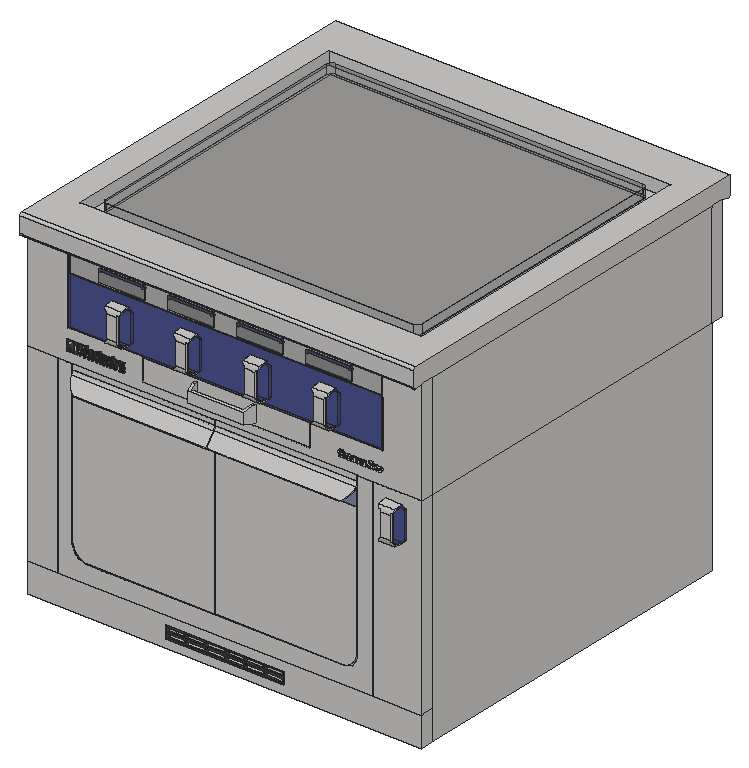
Revit family "QF_ELECTROLUXPROFESSIONAL_588457_MALPEAH4AO", category Attrezzature speciali, Revit 2020
Family settings
  Quota connettore circolare = Usa diametro
  Tipo di parte = Normale
  Basato su piano di lavoro = No
  Sempre verticale = Sì
  Taglio con vuoti quando caricato = No
  Condiviso = No
  Punto di calcolo locali = No
Parameters (values of type "Standard")
  Weight = 143.00 kg
  Watts = 14300 W
  Volts = 400 V
  URL Manufacturer = "https://www.electroluxprofessional.com/"
  URL = "https://www.electroluxprofessional.com/"
  Steam Supply Size = 0"
  Steam Supply Minimum Pressure = 0.00 psi
  Steam Supply Maximum Pressure = 0.00 psi
  Steam Consumption per Hour = 0
  Refrigeration Suction Line Size = 0 mm
  Refrigeration Liquid Line Size = 0 mm
  Refrigerant Compressor Remote = yes
  Prospetto di default = 0 mm
  Phase = 3
  Modello = "MALPEAH4AO"
  Produttore = "Electrolux Professional"
  Length Actual = 800 mm  # constant formula
  Item Number = "588457"
  Hot Water Size = 0"
  Height Actual = 700 mm  # constant formula
  HP = "19.2 HP"
  Gas Size = 0"
  Gas KW = 0
  Gas Input Pressure = 0.0 Btu/h
  Direct Waste Size = 0"
  Descrizione = "EL.SOLID TOP,WARM.CAB.1S,800X800X700H"
  Depth Actual = 800 mm  # constant formula
  Cycle = 50 Hz
  Condensate Return Size = 0"
  Compressed Air Volume = 0 GPM
  Compressed Air Size = 0"
  Compressed Air Pressure = 0.00 psi
  Cold Water Size = 0"
  Accessory = yes
Reference planes
  plane 1 "BACK": y = 0
  plane 2: z = 0
  plane 3 "LEFT": x = 0
  plane 4 "RIGHT": x = 800
  plane 5 "FRONT": y = -800
  plane 6 "TOP": z = 900
  plane 7 "Center (Left/Right)": x = 400
  plane 8: y = -400
  plane 9: z = 200
  plane 10: y = -150
  plane 11 "Panel": y = -755
  plane 12: z = 798
  plane 13: z = 1327
  plane 14: x = 78
  plane 15: x = 722
  plane 16: y = -150
  plane 17: y = -650
  plane 18 "EIx": x = 755
  plane 19 "EIy": y = -585
  plane 20: x = 380
  plane 21 "BASE_TOP": z = 650
  plane 22: x = 60
  plane 23: x = 700
  plane 24: z = 260
Forms (mm)
  Extrusion 1, solid, material "QF_Finishes_Stainless Steel"
    sketch origin (-178.969, -4571, 200) x (-1, 0, 0) y (0, -1, 0)
      loop
        line (-178.969, -4526) -> (-178.969, -3816) -> (-978.969, -3816) -> (-978.969, -4526) -> (-178.969, -4526)
    from 450 to 663
  Extrusion 2, solid, material "QF_Finishes_Stainless Steel"
    sketch origin (0, 0, 0) x (0, 1, 0) y (0, 0, 1)
      loop
        line (-755, 200) -> (-755, 260) -> (-780, 260) -> (-780, 200) -> (-755, 200)
    from 0 to 800
  Extrusion 3, solid, material "QF_Finishes_Stainless Steel"
    sketch origin (-588.969, -4562, 200) x (-1, 0, 0) y (0, -1, 0)
      loop
        circle (-1343.969, -3977) r 6.35
    from 0 to -11.851
  Extrusion 4, solid, material "QF_Finishes_Stainless Steel"
    sketch origin (400, 296.4, 1219.2) x (0, 1, 0) y (0, 0, 1)
      loop
        line (-296.4, -319.2) -> (-1091.4, -319.2)
        arc (-1091.4, -319.2) -> (-1094.935, -320.664) -> (-1096.4, -324.2) r 5
        line (-1096.4, -324.2) -> (-1096.4, -355.2)
        arc (-1096.4, -355.2) -> (-1094.971, -358.264) -> (-1091.705, -359.139) r 4
        line (-1091.705, -359.139) -> (-1076.4, -356.231) -> (-316.4, -356.231) -> (-301.094, -359.139)
        arc (-301.094, -359.139) -> (-297.829, -358.264) -> (-296.4, -355.2) r 4
        line (-296.4, -355.2) -> (-296.4, -319.2)
    from -400 to 400
  Extrusion 5, solid, material "QF_Finishes_Electrolux_Black Smoke Iluminated"
    sketch origin (0, 0, 900) x (-1, 0, 0) y (0, -1, 0)
      loop
        arc (-88, 109) -> (-80.929, 111.929) -> (-78, 119) r 10
        line (-78, 119) -> (-78, 680)
        arc (-78, 680) -> (-80.929, 687.071) -> (-88, 690) r 10
        line (-88, 690) -> (-712, 690)
        arc (-712, 690) -> (-719.071, 687.071) -> (-722, 680) r 10
        line (-722, 680) -> (-722, 119)
        arc (-722, 119) -> (-719.071, 111.929) -> (-712, 109) r 10
        line (-712, 109) -> (-88, 109)
    from 0 to -20
  Extrusion 6, solid, material "QF_Finishes_Stainless Steel"
    sketch origin (-178.969, -4571, 200) x (-1, 0, 0) y (0, -1, 0)
      loop
        line (-178.969, -4526) -> (-178.969, -3816) -> (-978.969, -3816) -> (-978.969, -4526) -> (-178.969, -4526)
    from 450 to 0
  Extrusion 7, void
    sketch origin (0, -755, 0) x (-1, 0, 0) y (0, 0, 1)
      loop
        line (-520, 216.594) -> (-280, 216.594) -> (-280, 241.594) -> (-520, 241.594) -> (-520, 216.594)
    from 0 to -25
  Extrusion 8, solid, material "QF_Finishes_Black"
    sketch origin (0, -755, 0) x (-1, 0, 0) y (0, 0, 1)
      loop
        line (-280, 241.594) -> (-520, 241.594) -> (-520, 216.594) -> (-280, 216.594) -> (-280, 241.594)
      loop
        line (-282, 239.594) -> (-319.131, 239.594) -> (-319.131, 230.094) -> (-282, 230.094) -> (-282, 239.594)
      loop
        line (-282, 218.594) -> (-282, 228.094) -> (-319.131, 228.094) -> (-319.131, 218.594) -> (-282, 218.594)
      loop
        line (-321.131, 239.594) -> (-359.066, 239.594) -> (-359.066, 230.094) -> (-321.131, 230.094) -> (-321.131, 239.594)
      loop
        line (-399, 239.594) -> (-399, 230.094) -> (-361.066, 230.094) -> (-361.066, 239.594) -> (-399, 239.594)
      loop
        line (-401, 239.594) -> (-438.934, 239.594) -> (-438.934, 230.094) -> (-401, 230.094) -> (-401, 239.594)
      loop
        line (-359.066, 218.594) -> (-321.131, 218.594) -> (-321.131, 228.094) -> (-359.066, 228.094) -> (-359.066, 218.594)
      loop
        line (-361.066, 218.594) -> (-361.066, 228.094) -> (-399, 228.094) -> (-399, 218.594) -> (-361.066, 218.594)
      loop
        line (-401, 228.094) -> (-438.934, 228.094) -> (-438.934, 218.594) -> (-401, 218.594) -> (-401, 228.094)
      loop
        line (-518, 239.594) -> (-518, 230.094) -> (-480.869, 230.094) -> (-480.869, 239.594) -> (-518, 239.594)
      loop
        line (-518, 218.594) -> (-480.869, 218.594) -> (-480.869, 228.094) -> (-518, 228.094) -> (-518, 218.594)
      loop
        line (-478.869, 239.594) -> (-478.869, 230.094) -> (-440.934, 230.094) -> (-440.934, 239.594) -> (-478.869, 239.594)
      loop
        line (-440.934, 218.594) -> (-440.934, 228.094) -> (-478.869, 228.094) -> (-478.869, 218.594) -> (-440.934, 218.594)
    from -25.03 to -20
  Extrusion 9, void
    sketch origin (0, 0, 900) x (-1, 0, 0) y (0, -1, 0)
      loop
        line (-53, 715) -> (-747, 715) -> (-747, 84) -> (-53, 84) -> (-53, 715)
    from 0 to -25
  Extrusion 10, solid, material "QF_Finishes_Stainless Steel"
    sketch origin (0, 0, 900) x (-1, 0, 0) y (0, -1, 0)
      loop
        line (-82, 113) -> (-82, 686) -> (-718, 686) -> (-718, 113) -> (-82, 113)
    from -20 to -25
  Extrusion 11, solid, material "QF_Finishes_Stainless Steel"
    sketch origin (0, -755, 0) x (-1, 0, 0) y (0, 0, 1)
      loop
        line (0, 260) -> (0, 650) -> (-60, 650) -> (-60, 260) -> (0, 260)
    from 0 to -25.03
  Extrusion 12, solid, material "QF_Finishes_Stainless Steel"
    sketch origin (0, -755, 0) x (-1, 0, 0) y (0, 0, 1)
      loop
        line (-700, 260) -> (-700, 650) -> (-800, 650) -> (-800, 260) -> (-700, 260)
    from 0 to -25.03
  Extrusion 13, solid, material "QF_Finishes_Stainless Steel"
    sketch origin (70, -755, 0) x (-1, 0, 0) y (0, 0, 1)
      loop
        line (10, 260) -> (10, 650) -> (-20, 650) -> (-20, 325)
        arc (-20, 325) -> (-28.787, 303.787) -> (-50, 295) r 30
        line (-50, 295) -> (-570, 295)
        arc (-570, 295) -> (-591.213, 303.787) -> (-600, 325) r 30
        line (-600, 325) -> (-600, 650) -> (-630, 650) -> (-630, 260) -> (10, 260)
    from 0 to -25.03
  Extrusion 14, solid, material "QF_Finishes_Stainless Steel"
    sketch origin (0, 0, 0) x (1, 0, 0) y (0, 0, 1)
      loop
        line (0, 650) -> (800, 650) -> (800, 862.969) -> (0, 862.969) -> (0, 650)
    from 45 to 20
Cuts and joins
  Extrusion 7 cuts Extrusion 6
  Extrusion 7 cuts Extrusion 2
  Extrusion 9 cuts Extrusion 4
Lines and regions (mm)
  symbolic lines
    curve 1: line (0, 0, 200) -> (800, 0, 200)
    curve 2: line (0, -800, 200) -> (0, 0, 200)
    curve 3: line (800, -800, 200) -> (0, -800, 200)
    curve 4: line (800, 0, 200) -> (800, -800, 200)
    curve 5: line (712, -109, 200) -> (88, -109, 200)
    curve 6: line (88, -690, 200) -> (712, -690, 200)
    curve 7: line (722, -680, 200) -> (722, -119, 200)
    curve 8: arc (88, -109, 200) -> (80.929, -111.929, 200) -> (78, -119, 200) r 10
    curve 9: arc (722, -119, 200) -> (719.071, -111.929, 200) -> (712, -109, 200) r 10
    curve 10: arc (712, -690, 200) -> (719.071, -687.071, 200) -> (722, -680, 200) r 10
    curve 11: arc (78, -680, 200) -> (80.929, -687.071, 200) -> (88, -690, 200) r 10
    curve 12: line (747, -84, 900) -> (53, -84, 900)
    curve 13: line (53, -84, 900) -> (53, -715, 900)
    curve 14: line (747, -715, 900) -> (747, -84, 900)
    curve 15: line (53, -715, 900) -> (747, -715, 900)
  model lines, style "SpecialityEquipment"
    curve 16: line (78, -119, 900) -> (78, -680, 900)
    curve 17: arc (584, -161, 900) -> (530.967, -289.033, 900) -> (659, -236, 900) r 75
    curve 18: line (639, -236, 900) -> (679, -236, 900)
    curve 19: line (679, -236, 900) -> (659, -216, 900)
    curve 20: line (639, -236, 900) -> (659, -216, 900)
    curve 21: arc (216, -161, 900) -> (162.967, -289.033, 900) -> (291, -236, 900) r 75
    curve 22: line (271, -236, 900) -> (311, -236, 900)
    curve 23: line (311, -236, 900) -> (291, -216, 900)
    curve 24: line (271, -236, 900) -> (291, -216, 900)
    curve 25: arc (584, -489, 900) -> (530.967, -617.033, 900) -> (659, -564, 900) r 75
    curve 26: line (639, -564, 900) -> (679, -564, 900)
    curve 27: line (679, -564, 900) -> (659, -544, 900)
    curve 28: line (639, -564, 900) -> (659, -544, 900)
    curve 29: arc (216, -489, 900) -> (162.967, -617.033, 900) -> (291, -564, 900) r 75
    curve 30: line (271, -564, 900) -> (311, -564, 900)
    curve 31: line (311, -564, 900) -> (291, -544, 900)
    curve 32: line (271, -564, 900) -> (291, -544, 900)
Dimensions and locks
  plane 3 "LEFT" to plane 4 "RIGHT" = 800 mm
  plane 5 "FRONT" to plane 1 "BACK" = 800 mm
  equal spacing: plane 3 "LEFT", plane 7 "Center (Left/Right)", plane 4 "RIGHT"
  equal spacing: plane 5 "FRONT", plane 8, plane 1 "BACK"
  plane 9 to level = 200 mm
  plane 1 "BACK" to plane 10 to plane 11 "Panel" = 150 mm, 605 mm  (x2)
  plane 6 "TOP" to plane 9 to level = 700 mm, 200 mm
  plane 6 "TOP" to level = 900 mm
  plane 1 "BACK" to plane 5 "FRONT" = 800 mm
  plane 1 "BACK" to Extrusion 3 = 585 mm
  plane 12 to plane 9 = 598 mm
  plane 13 to plane 6 "TOP" = 427 mm
  plane 6 "TOP" to plane 12 = 102 mm
  plane 14 to plane 3 "LEFT" = 78 mm
  plane 15 to plane 4 "RIGHT" = 78 mm
  locked: plane 1 "BACK" to plane 16 at 150
  locked: plane 16 to plane 17 at 500
  plane 11 "Panel" to plane 5 "FRONT" = 45 mm
  plane 18 "EIx" to plane 4 "RIGHT" = 45 mm
  plane 19 "EIy" to plane 1 "BACK" = 585 mm
  plane 7 "Center (Left/Right)" to plane 20 = 20 mm
  locked: plane 22 to plane 3 "LEFT" at 60
  plane 23 to plane 4 "RIGHT" = 100 mm
  plane 6 "TOP" to plane 21 "BASE_TOP" to plane 9 to level = 250 mm, 450 mm, 200 mm
  aligned and locked: level to plane 2
  aligned and locked: Extrusion 2 to plane 4 "RIGHT"
  aligned and locked: Extrusion 12 to plane 4 "RIGHT"
  aligned and locked: Extrusion 12 to plane 23
  aligned and locked: plane 21 "BASE_TOP" to Extrusion 12
  aligned and locked: Extrusion 12 to plane 24
  aligned and locked: Extrusion 11 to plane 3 "LEFT"
  aligned and locked: plane 22 to Extrusion 11
  aligned and locked: Extrusion 11 to plane 24
  aligned and locked: Extrusion 13 sketch curve to plane 22
  aligned and locked: Extrusion 13 sketch curve to plane 23
  aligned and locked: Extrusion 13 sketch curve to plane 21 "BASE_TOP"
  aligned and locked: Extrusion 14 to plane 3 "LEFT"
  aligned and locked: Extrusion 14 to plane 21 "BASE_TOP"
  aligned and locked: Extrusion 14 to cut or joined group of Extrusion 4, Extrusion 9
  aligned and locked: plane 24 to cut or joined group of Extrusion 2, Extrusion 7
Automatic sketch dimensions
  Extrusion 1 sketch curve to plane 4 "RIGHT" = 0 mm
  Extrusion 1 sketch curve to plane 3 "LEFT" = 0 mm
  plane 11 "Panel" to Extrusion 1 sketch curve = 0 mm
  plane 1 "BACK" to Extrusion 1 sketch curve = 45 mm
  Extrusion 2 sketch curve to plane 9 = 0 mm
  Extrusion 2 sketch curve to plane 11 "Panel" = 0 mm
  plane 24 to Extrusion 2 sketch curve = 0 mm
  Extrusion 2 sketch curve to plane 5 "FRONT" = 20 mm
  plane 1 "BACK" to curve 1 = 0 mm
  curve 1 to plane 4 "RIGHT" = 0 mm
  curve 7 to plane 15 = 0 mm
  curve 2 to plane 3 "LEFT" = 0 mm
  plane 5 "FRONT" to curve 3 = 0 mm
  plane 15 to curve 5 = 10 mm
  curve 10 to curve 10 = 10 mm
  curve 5 to plane 14 = 10 mm
  plane 10 to curve 5 = 41 mm
  plane 17 to curve 10 = 30 mm
  Extrusion 3 sketch curve to plane 18 "EIx" = 0 mm
  Extrusion 3 sketch curve to plane 19 "EIy" = 0 mm
  Extrusion 4 sketch curve to plane 5 "FRONT" = 0 mm
  Extrusion 4 sketch curve to plane 6 "TOP" = 0 mm
  Extrusion 4 sketch curve to plane 1 "BACK" = 0 mm
  Extrusion 4 sketch curve to plane 5 "FRONT" = 4 mm
  Extrusion 4 sketch curve to Extrusion 4 sketch curve = 0.695 mm
  Extrusion 4 sketch curve to plane 5 "FRONT" = 5 mm
  Extrusion 4 sketch curve to Extrusion 4 sketch curve = 15.305 mm
  plane 1 "BACK" to Extrusion 4 sketch curve = 20 mm
  plane 1 "BACK" to Extrusion 4 sketch curve = 4.695 mm
  Extrusion 4 sketch curve to Extrusion 4 sketch curve = 4 mm
  Extrusion 4 sketch curve to Extrusion 4 sketch curve = 31 mm
  Extrusion 4 sketch curve to plane 6 "TOP" = 36 mm
  Extrusion 4 sketch curve to Extrusion 4 sketch curve = 2.909 mm
  Extrusion 5 sketch curve to plane 15 = 0 mm
  Extrusion 5 sketch curve to plane 14 = 0 mm
  plane 15 to Extrusion 5 sketch curve = 10 mm  (x2)
  Extrusion 5 sketch curve to Extrusion 5 sketch curve = 10 mm  (x2)
  plane 10 to Extrusion 5 sketch curve = 41 mm
  plane 17 to Extrusion 5 sketch curve = 30 mm
  Extrusion 6 sketch curve to plane 4 "RIGHT" = 0 mm
  Extrusion 6 sketch curve to plane 3 "LEFT" = 0 mm
  plane 11 "Panel" to Extrusion 6 sketch curve = 0 mm
  plane 1 "BACK" to Extrusion 6 sketch curve = 45 mm
  plane 9 to Extrusion 7 sketch curve = 41.594 mm
  plane 7 "Center (Left/Right)" to Extrusion 7 sketch curve = 120 mm
  Extrusion 7 sketch curve to plane 20 = 100 mm
  plane 9 to Extrusion 7 sketch curve = 16.594 mm
  plane 9 to Extrusion 8 sketch curve = 41.594 mm
  plane 7 "Center (Left/Right)" to Extrusion 8 sketch curve = 120 mm
  Extrusion 8 sketch curve to Extrusion 8 sketch curve = 2 mm  (x16)
  Extrusion 8 sketch curve to Extrusion 8 sketch curve = 0 mm  (x15)
  Extrusion 8 sketch curve to Extrusion 8 sketch curve = 37.131 mm  (x2)
  Extrusion 8 sketch curve to Extrusion 8 sketch curve = 37.934 mm  (x2)
  plane 7 "Center (Left/Right)" to Extrusion 8 sketch curve = 1 mm  (x2)
  Extrusion 8 sketch curve to plane 7 "Center (Left/Right)" = 1 mm  (x2)
  Extrusion 8 sketch curve to plane 20 = 18.934 mm
  plane 9 to Extrusion 8 sketch curve = 18.594 mm  (x4)
  Extrusion 8 sketch curve to Extrusion 8 sketch curve = 9.5 mm  (x6)
  plane 18 "EIx" to Extrusion 9 sketch curve = 8 mm
  Extrusion 9 sketch curve to plane 22 = 7 mm
  plane 10 to Extrusion 9 sketch curve = 66 mm
  plane 11 "Panel" to Extrusion 9 sketch curve = 40 mm
  plane 15 to Extrusion 10 sketch curve = 4 mm
  Extrusion 10 sketch curve to plane 14 = 4 mm
  plane 10 to Extrusion 10 sketch curve = 37 mm
  plane 17 to Extrusion 10 sketch curve = 36 mm
  plane 18 "EIx" to curve 15 = 8 mm
  curve 19 to plane 23 = 21 mm
  curve 27 to plane 23 = 21 mm
  curve 26 to curve 27 = 20 mm
  curve 18 to curve 20 = 20 mm
  curve 19 to curve 20 = 20 mm
  curve 27 to curve 26 = 20 mm
  curve 18 to curve 17 = 55 mm
  curve 26 to curve 25 = 55 mm
  curve 31 to plane 20 = 69 mm
  curve 23 to plane 20 = 69 mm
  curve 22 to curve 24 = 20 mm
  curve 30 to curve 31 = 20 mm
  curve 31 to curve 32 = 20 mm
  curve 23 to curve 24 = 20 mm
  curve 22 to curve 21 = 55 mm
  curve 30 to curve 29 = 55 mm
  curve 13 to plane 22 = 7 mm
  curve 22 to plane 10 = 86 mm
  curve 18 to plane 10 = 86 mm
  plane 10 to curve 12 = 66 mm
  plane 11 "Panel" to curve 14 = 40 mm
  curve 25 to curve 26 = 20 mm
  curve 17 to curve 18 = 20 mm
  curve 29 to curve 30 = 20 mm
  curve 21 to curve 22 = 20 mm
  Extrusion 11 sketch curve to plane 22 = 0 mm
  Extrusion 11 sketch curve to plane 3 "LEFT" = 0 mm
  Extrusion 11 sketch curve to plane 24 = 0 mm
  Extrusion 11 sketch curve to plane 21 "BASE_TOP" = 0 mm
  plane 4 "RIGHT" to Extrusion 12 sketch curve = 0 mm
  Extrusion 12 sketch curve to plane 21 "BASE_TOP" = 0 mm
  Extrusion 12 sketch curve to plane 23 = 0 mm
  Extrusion 12 sketch curve to plane 24 = 0 mm
  Extrusion 13 sketch curve to plane 21 "BASE_TOP" = 0 mm
  Extrusion 13 sketch curve to plane 24 = 0 mm
  Extrusion 13 sketch curve to plane 23 = 30 mm
  Extrusion 13 sketch curve to Extrusion 13 sketch curve = 30 mm
  Extrusion 13 sketch curve to plane 14 = 42 mm
  Extrusion 13 sketch curve to plane 14 = 12 mm
  plane 24 to Extrusion 13 sketch curve = 35 mm
  plane 21 "BASE_TOP" to Extrusion 14 sketch curve = 212.969 mm
  Extrusion 14 sketch curve to plane 23 = 700 mm
  plane 4 "RIGHT" to Extrusion 14 sketch curve = 0 mm
  plane 24 to Extrusion 14 sketch curve = 390 mm
  curve 16 to plane 14 = 0 mm
  plane 10 to curve 16 = 31 mm
  plane 17 to curve 16 = 30 mm
  plane 19 "EIy" to curve 31 = 21 mm
  curve 11 to plane 14 = 0 mm
  curve 8 to plane 14 = 0 mm
  curve 11 to plane 14 = 10 mm
  plane 19 "EIy" to curve 28 = 41 mm
  radius of Extrusion 3 sketch curve = 6.35 mm
Nested families
  nested 1: "FIT Range Control Handle" at (745, -783.167, -372.751), type "FIT Range Control Handle"
  nested 2: "Front_Panel_W800_Four Knobs" at (202.376, -755, 0), type "Front_Panel_W800_Four Knobs"
  nested 3: "H450H2_2DOOR" at (343.958, -755, 200) x (1, 0, 0) z (0, -1, 0), type "H450H2_2DOOR"
    with Width 580 mm, Wdoor 290 mm, Show Clearance yes
  nested 4: "Warm" at (800, -800, 900), type "Warm"
Connectors
  electrical at (755, -585, 188.149)
    settings: on Extrusion 3, index 1, voltage 400 V, apparent load 33000 VA, apparent load phase1 0 VA, apparent load phase2 0 VA, apparent load phase3 0 VA, power factor 1, load classification "Other", number of poles 1, system type 30, power factor state 1, is connector primary yes, connector utility no, sub classification motor no, connector description "ELECTRICAL CONNECTION"
Definition of nested family "FIT Range Control Handle"
  Parameters
    Default Elevation = 0 mm
  Reference planes
    plane 1 "Center (Front/Back)": y = 0
    plane 2: z = 0
    plane 3 "Center (Left/Right)": x = 0
    plane 4: z = 971.092
    plane 5: y = -16.8
  Forms (mm)
    Extrusion 1, solid
      sketch origin (-746.28, 380.497, 208.931) x (-1, 0, 0) y (0, 0, 1)
        loop
          line (-770.101, 786.798) -> (-770.101, 731.649)
          arc (-770.101, 731.649) -> (-769.759, 730.563) -> (-768.855, 729.87) r 1.893
          line (-768.855, 729.87) -> (-763.474, 727.911) -> (-729.81, 727.911) -> (-724.428, 729.87)
          arc (-724.428, 729.87) -> (-723.525, 730.563) -> (-723.183, 731.649) r 1.893
          line (-723.183, 731.649) -> (-723.183, 786.798)
          arc (-723.183, 786.798) -> (-723.529, 787.894) -> (-724.44, 788.593) r 1.91
          line (-724.44, 788.593) -> (-729.683, 790.819) -> (-763.601, 790.819) -> (-768.844, 788.593)
          arc (-768.844, 788.593) -> (-769.755, 787.894) -> (-770.101, 786.798) r 1.91
      from -382.35 to -378.852
    Sweep 2, solid
      path origin (-746.788, 380.496, 208.091) x (0, -1, 0) y (0, 0, 1)
        loop
          line (379.775, 793.281) -> (395.661, 791.048)
          arc (395.661, 791.048) -> (397.781, 787.377) -> (398.517, 783.202) r 12.207
          line (398.517, 783.202) -> (398.517, 737.368)
          arc (398.517, 737.368) -> (397.781, 733.193) -> (395.661, 729.522) r 12.207
          line (395.661, 729.522) -> (379.775, 727.289)
      profile origin (-746.788, -7.222, 1000.256) x (0, -0.139173, 0.990268) y (-1, 0, 0)
        loop
          line (0.782, -763.123) -> (0.782, -730.907) -> (-1.322, -730.907) -> (-1.322, -763.123) -> (0.782, -763.123)
    Sweep 3, solid
      path origin (-746.788, 380.715, 207.832) x (0, -1, 0) y (0, 0, 1)
        loop
          line (380.478, 795.442) -> (397.218, 793.09)
          arc (397.218, 793.09) -> (399.929, 788.473) -> (400.871, 783.202) r 15.207
          line (400.871, 783.202) -> (400.871, 737.584)
          arc (400.871, 737.584) -> (399.914, 732.274) -> (397.164, 727.633) r 15.207
          line (397.164, 727.633) -> (380.601, 725.305)
      profile origin (-746.788, -8.132, 1002.099) x (0, -0.139173, 0.990268) y (-1, 0, 0)
        loop
          line (0.782, -763.123) -> (0.782, -730.907) -> (-1.322, -730.907) -> (-1.322, -763.123) -> (0.782, -763.123)
    Extrusion 4, void
      sketch origin (889.253, 220.666, 207.993) x (1, 0, 0) y (0, 0, 1)
        loop
          line (-943.038, 816.854) -> (-943.038, 703.686) -> (-899.466, 734.196) -> (-899.466, 786.344) -> (-943.038, 816.854)
      from 230.636 to 242.25
    Extrusion 5, void
      sketch origin (-888.8, 220.666, 207.993) x (-1, 0, 0) y (0, 0, -1)
        loop
          line (-943.038, -816.854) -> (-899.466, -786.344) -> (-899.466, -734.196) -> (-943.038, -703.686) -> (-943.038, -816.854)
      from 230.636 to 242.25
    Extrusion 6, solid
      sketch origin (0, 0, 0) x (1, 0, 0) y (0, 0, 1)
        loop
          circle (0, 971.092) r 7.736
      from -3.137 to -1.645
  Cuts and joins
    Extrusion 4, Extrusion 5 cuts Sweep 3
    Extrusion 4, Extrusion 5 cuts Sweep 2
    joined: Extrusion 1, Extrusion 6
  Lines and regions (mm)
    symbolic lines
      curve 1: line (-15.881, -19.189, 0) -> (-15.881, -16.8, 0)
      curve 2: line (16.334, -19.189, 0) -> (16.334, -16.8, 0)
      curve 3: spline (-15.881, -19.189, 0) -> (-15.417, -19.349, 0) -> (-14.951, -19.501, 0) -> (-14.483, -19.646, 0) -> (-14.014, -19.783, 0) -> (-13.543, -19.912, 0) -> (-13.071, -20.033, 0) -> (-12.597, -20.146, 0) -> (-12.122, -20.251, 0) -> (-11.646, -20.349, 0) -> (-11.169, -20.438, 0) -> (-10.691, -20.52, 0) -> (-10.213, -20.593, 0)
      curve 4: spline (10.666, -20.593, 0) -> (11.144, -20.52, 0) -> (11.622, -20.438, 0) -> (12.099, -20.349, 0) -> (12.575, -20.251, 0) -> (13.05, -20.146, 0) -> (13.524, -20.033, 0) -> (13.996, -19.912, 0) -> (14.467, -19.783, 0) -> (14.936, -19.646, 0) -> (15.404, -19.501, 0) -> (15.87, -19.349, 0) -> (16.334, -19.189, 0)
      curve 5: line (-10.213, -20.938, 0) -> (10.716, -20.938, 0)
  Dimensions and locks
    cut or joined group of Sweep 3, Extrusion 4, Extrusion 5 to cut or joined group of Sweep 3, Extrusion 4, Extrusion 5 = 71.686 mm
Definition of nested family "Front_Panel_W800_Four Knobs"
  Parameters
    Default Elevation = 0 mm
  Reference planes
    plane 1 "Center (Front/Back)": y = 0
    plane 2: z = 0
    plane 3 "Center (Left/Right)": x = 197.624
    plane 4 "Left": x = -202.376
    plane 5 "Right": x = 597.624
    plane 6: y = -45
    plane 7: x = -12.376
    plane 8: x = 127.624
    plane 9: y = -310
    plane 10: y = -25
    plane 11: x = 517.624
    plane 12: x = -122.376
  Forms (mm)
    Extrusion 1, solid
      sketch origin (833.217, 829.203, -1.25) x (0, 1, 0) y (0, 0, 1)
        loop
          line (-854.203, 651.25) -> (-829.203, 651.25) -> (-829.203, 864.25) -> (-854.203, 864.25) -> (-854.203, 651.25)
      from -1035.593 to -235.593
    Extrusion 2, void
      sketch origin (0, 0, 0) x (1, 0, 0) y (0, 0, 1)
        loop
          line (-122.376, 853.866) -> (-122.376, 711.866) -> (517.624, 711.866) -> (517.624, 853.866) -> (-122.376, 853.866)
      from 19.387 to 33.951
    Extrusion 3, void
      sketch origin (0, 0, 0) x (1, 0, 0) y (0, 0, 1)
        loop
          line (30.124, 711.866) -> (30.124, 666.866) -> (370.124, 666.866) -> (370.124, 711.866) -> (30.124, 711.866)
      from 19.387 to 25
    Extrusion 4, solid
      sketch origin (0, 0, 0) x (1, 0, 0) y (0, 0, 1)
        loop
          line (31.124, 710.866) -> (31.124, 667.866) -> (369.124, 667.866) -> (369.124, 710.866) -> (31.124, 710.866)
      from 19.387 to 25
    Extrusion 5, solid
      sketch origin (0, 0, 0) x (1, 0, 0) y (0, 1, 0)
        loop
          line (141.059, -25) -> (135.966, -25) -> (140.646, -49.075) -> (254.603, -49.075) -> (259.283, -25) -> (254.189, -25) -> (250.481, -44.075) -> (144.767, -44.075) -> (141.059, -25)
      from 672.593 to 705.67
    Extrusion 6, void
      sketch origin (197.624, 0, 0) x (0, 1, 0) y (0, 0, 1)
        loop
          line (-30, 705.67) -> (-30, 710.67) -> (-56.744, 710.67) -> (-56.744, 667.593) -> (-30, 667.593) -> (-30, 672.593) -> (-53.776, 680.318) -> (-53.776, 697.945) -> (-30, 705.67)
      from -70 to 70
    Extrusion 7, solid, detail levels coarse
      sketch origin (0, -265, 0) x (1, 0, 0) y (0, 1, 0)
        loop
          line (140.646, -69.075) -> (254.603, -69.075) -> (259.283, -45) -> (364.124, -45) -> (364.124, 240) -> (31.124, 240) -> (31.124, -45) -> (135.966, -45) -> (140.646, -69.075)
      from 672.593 to 705.67
    Extrusion 8, void
      sketch origin (197.624, -280, 0) x (0, 1, 0) y (0, 0, 1)
        loop
          line (-30, 705.67) -> (-30, 710.67) -> (-56.744, 710.67) -> (-56.744, 667.593) -> (-30, 667.593) -> (-30, 672.593) -> (-53.776, 680.318) -> (-53.776, 697.945) -> (-30, 705.67)
      from -70 to 70
  Cuts and joins
    Extrusion 2, Extrusion 3 cuts Extrusion 1
    Extrusion 6, Extrusion 8 cuts Extrusion 5
    Extrusion 8 cuts Extrusion 7
  Lines and regions (mm)
    symbolic lines
      curve 1: line (31.124, -45, 0) -> (31.124, -310, 0)
      curve 2: line (31.124, -310, 0) -> (364.124, -310, 0)
      curve 3: line (135.966, -310, 0) -> (140.646, -334.075, 0)
      curve 4: line (140.646, -334.075, 0) -> (254.603, -334.075, 0)
      curve 5: line (254.603, -334.075, 0) -> (259.283, -310, 0)
      curve 6: line (364.124, -310, 0) -> (364.124, -45, 0)
      curve 7: line (31.124, -300, 0) -> (364.124, -300, 0)
      curve 8: line (140.874, -309.046, 0) -> (144.767, -329.075, 0)
      curve 9: line (144.767, -329.075, 0) -> (250.481, -329.075, 0)
      curve 10: line (250.481, -329.075, 0) -> (254.375, -309.046, 0)
  Dimensions and locks
    equal spacing: plane 5 "Right", plane 3 "Center (Left/Right)", plane 4 "Left"
    plane 5 "Right" to plane 4 "Left" = 800 mm
    plane 3 "Center (Left/Right)" to plane 7 = 210 mm
    plane 3 "Center (Left/Right)" to plane 8 = 70 mm
    plane 6 to plane 9 = 265 mm
    aligned and locked: cut or joined group of Extrusion 1, Extrusion 2, Extrusion 3 to plane 4 "Left"
    aligned and locked: plane 5 "Right" to cut or joined group of Extrusion 1, Extrusion 2, Extrusion 3
    aligned and locked: plane 3 "Center (Left/Right)" to nested 2
    aligned and locked: cut or joined group of Extrusion 1, Extrusion 2, Extrusion 3 to nested 2
  Automatic sketch dimensions
    plane 7 to Extrusion 3 sketch curve = 42.5 mm
    plane 3 "Center (Left/Right)" to Extrusion 3 sketch curve = 172.5 mm
    level to Extrusion 3 sketch curve = 666.866 mm
    Extrusion 3 sketch curve to Extrusion 3 sketch curve = 45 mm
    plane 7 to Extrusion 4 sketch curve = 43.5 mm
    plane 3 "Center (Left/Right)" to Extrusion 4 sketch curve = 171.5 mm
    level to Extrusion 4 sketch curve = 667.866 mm
    Extrusion 4 sketch curve to Extrusion 4 sketch curve = 43 mm
    plane 8 to Extrusion 5 sketch curve = 8.342 mm
    plane 6 to Extrusion 5 sketch curve = 4.075 mm
    plane 8 to Extrusion 5 sketch curve = 13.021 mm
    Extrusion 5 sketch curve to Extrusion 5 sketch curve = 5.094 mm  (x2)
    Extrusion 5 sketch curve to plane 6 = 0.925 mm
    Extrusion 5 sketch curve to Extrusion 5 sketch curve = 4.122 mm  (x2)
    plane 3 "Center (Left/Right)" to Extrusion 5 sketch curve = 52.857 mm
    Extrusion 5 sketch curve to plane 6 = 20 mm  (x2)
    Extrusion 5 sketch curve to Extrusion 5 sketch curve = 3.708 mm
    plane 6 to Extrusion 6 sketch curve = 11.744 mm
    plane 6 to Extrusion 6 sketch curve = 8.776 mm
    Extrusion 6 sketch curve to plane 6 = 15 mm  (x2)
    level to Extrusion 6 sketch curve = 667.593 mm
    Extrusion 6 sketch curve to Extrusion 6 sketch curve = 5 mm
    Extrusion 6 sketch curve to Extrusion 6 sketch curve = 12.725 mm  (x2)
    Extrusion 6 sketch curve to Extrusion 6 sketch curve = 17.627 mm
    Extrusion 6 sketch curve to Extrusion 6 sketch curve = 7.725 mm
    Extrusion 8 sketch curve to plane 9 = 26.744 mm
    Extrusion 8 sketch curve to plane 9 = 23.776 mm
    plane 9 to Extrusion 8 sketch curve = 0 mm  (x2)
    level to Extrusion 8 sketch curve = 667.593 mm
    Extrusion 8 sketch curve to Extrusion 8 sketch curve = 5 mm
    Extrusion 8 sketch curve to Extrusion 8 sketch curve = 12.725 mm  (x2)
    Extrusion 8 sketch curve to Extrusion 8 sketch curve = 17.627 mm
    Extrusion 8 sketch curve to Extrusion 8 sketch curve = 7.725 mm
    plane 9 to Extrusion 7 sketch curve = 0 mm  (x2)
    plane 7 to Extrusion 7 sketch curve = 43.5 mm
    plane 8 to Extrusion 7 sketch curve = 8.342 mm
    Extrusion 7 sketch curve to plane 9 = 24.075 mm
    plane 8 to Extrusion 7 sketch curve = 13.021 mm
    Extrusion 7 sketch curve to Extrusion 7 sketch curve = 104.842 mm
    Extrusion 7 sketch curve to plane 6 = 20 mm
    plane 3 "Center (Left/Right)" to Extrusion 7 sketch curve = 56.979 mm
    Extrusion 7 sketch curve to Extrusion 7 sketch curve = 4.68 mm
    Extrusion 1 sketch curve to plane 1 "Center (Front/Back)" = 0 mm
    level to Extrusion 1 sketch curve = 650 mm
    plane 4 "Left" to Extrusion 2 sketch curve = 80 mm
    Extrusion 2 sketch curve to plane 5 "Right" = 80 mm
    level to Extrusion 2 sketch curve = 711.866 mm
    Extrusion 2 sketch curve to Extrusion 2 sketch curve = 142 mm
    plane 6 to curve 1 = 0 mm
    plane 6 to curve 6 = 0 mm
    plane 9 to curve 1 = 0 mm
    plane 7 to curve 1 = 43.5 mm
    curve 4 to plane 9 = 24.075 mm
    plane 8 to curve 4 = 13.021 mm
    curve 3 to curve 8 = 4.122 mm
    plane 3 "Center (Left/Right)" to curve 4 = 56.979 mm
    curve 4 to curve 2 = 109.521 mm
    plane 8 to curve 3 = 8.342 mm
    curve 3 to curve 8 = 4.908 mm
    curve 9 to curve 4 = 4.122 mm
    curve 10 to plane 9 = 19.075 mm
    curve 9 to curve 5 = 8.801 mm
    plane 9 to curve 10 = 0.954 mm
    curve 10 to curve 5 = 4.908 mm
    curve 3 to curve 8 = 0.954 mm
    curve 1 to curve 7 = 10 mm
    Extrusion 1 sketch curve to plane 6 = 20 mm
    Extrusion 1 sketch curve to Extrusion 1 sketch curve = 213 mm
  Nested families
    nested 1: "Range Control Handle" at (-12.376, -28.137, -209.113) x (-1, 0, 0) z (0, 0, 1), type "Range Control Handle"
    nested 2: "Front glass control panel W800" at (197.624, 280.644, 2.752), type "Front glass control panel W800"
    nested 3: "Range Control Handle" at (127.624, -28.137, -209.113) x (-1, 0, 0) z (0, 0, 1), type "Range Control Handle"
    nested 4: "Range Control Handle" at (407.624, -28.137, -209.113), type "Range Control Handle"
    nested 5: "Range Control Handle" at (267.624, -28.137, -209.113), type "Range Control Handle"
    nested 6: "ELX_ThermaLine_Small" at (468.838, -25, 679.426) x (1, 0, 0) z (0, -1, 0), type "ELX_ThermaLine_Small"
      with Show Logo yes, Material_Logo none
    nested 7: "ELX_Professional_Logo_Small" at (-62.89, -25, 681.659) x (1, 0, 0) z (0, -1, 0), type "ELX_Professional_Logo_Small"
      with Show Logo yes, Material_Logo none
  Definition of nested family "Range Control Handle"
    Parameters
      Default Elevation = 0 mm
    Reference planes
      plane 1 "Center (Front/Back)": y = 0
      plane 2: z = 0
      plane 3 "Center (Left/Right)": x = 0
      plane 4: z = 971.092
      plane 5: y = -16.9
    Forms (mm)
      Extrusion 1, solid
        sketch origin (-746.28, 380.497, 208.931) x (-1, 0, 0) y (0, 0, 1)
          loop
            line (-770.101, 786.798) -> (-770.101, 731.649)
            arc (-770.101, 731.649) -> (-769.759, 730.563) -> (-768.855, 729.87) r 1.893
            line (-768.855, 729.87) -> (-763.474, 727.911) -> (-729.81, 727.911) -> (-724.428, 729.87)
            arc (-724.428, 729.87) -> (-723.525, 730.563) -> (-723.183, 731.649) r 1.893
            line (-723.183, 731.649) -> (-723.183, 786.798)
            arc (-723.183, 786.798) -> (-723.529, 787.894) -> (-724.44, 788.593) r 1.91
            line (-724.44, 788.593) -> (-729.683, 790.819) -> (-763.601, 790.819) -> (-768.844, 788.593)
            arc (-768.844, 788.593) -> (-769.755, 787.894) -> (-770.101, 786.798) r 1.91
        from -382.35 to -378.852
      Sweep 2, solid
        path origin (-746.788, 380.496, 208.091) x (0, -1, 0) y (0, 0, 1)
          loop
            line (379.775, 793.281) -> (395.661, 791.048)
            arc (395.661, 791.048) -> (397.781, 787.377) -> (398.517, 783.202) r 12.207
            line (398.517, 783.202) -> (398.517, 737.368)
            arc (398.517, 737.368) -> (397.781, 733.193) -> (395.661, 729.522) r 12.207
            line (395.661, 729.522) -> (379.775, 727.289)
        profile origin (-746.788, -7.222, 1000.256) x (0, -0.139173, 0.990268) y (-1, 0, 0)
          loop
            line (0.782, -763.123) -> (0.782, -730.907) -> (-1.322, -730.907) -> (-1.322, -763.123) -> (0.782, -763.123)
      Sweep 3, solid
        path origin (-746.788, 380.715, 207.832) x (0, -1, 0) y (0, 0, 1)
          loop
            line (380.478, 795.442) -> (397.218, 793.09)
            arc (397.218, 793.09) -> (399.929, 788.473) -> (400.871, 783.202) r 15.207
            line (400.871, 783.202) -> (400.871, 737.584)
            arc (400.871, 737.584) -> (399.914, 732.274) -> (397.164, 727.633) r 15.207
            line (397.164, 727.633) -> (380.601, 725.305)
        profile origin (-746.788, -8.132, 1002.099) x (0, -0.139173, 0.990268) y (-1, 0, 0)
          loop
            line (0.782, -763.123) -> (0.782, -730.907) -> (-1.322, -730.907) -> (-1.322, -763.123) -> (0.782, -763.123)
      Extrusion 4, void
        sketch origin (889.253, 220.666, 207.993) x (1, 0, 0) y (0, 0, 1)
          loop
            line (-943.038, 816.854) -> (-943.038, 703.686) -> (-899.466, 734.196) -> (-899.466, 786.344) -> (-943.038, 816.854)
        from 230.636 to 242.25
      Extrusion 5, void
        sketch origin (-888.8, 220.666, 207.993) x (-1, 0, 0) y (0, 0, -1)
          loop
            line (-943.038, -816.854) -> (-899.466, -786.344) -> (-899.466, -734.196) -> (-943.038, -703.686) -> (-943.038, -816.854)
        from 230.636 to 242.25
      Extrusion 6, solid
        sketch origin (0, 0, 0) x (1, 0, 0) y (0, 0, 1)
          loop
            circle (0, 971.092) r 7.736
        from -3.137 to -1.645
    Cuts and joins
      Extrusion 4, Extrusion 5 cuts Sweep 3
      Extrusion 4, Extrusion 5 cuts Sweep 2
      joined: Extrusion 1, Extrusion 6
    Lines and regions (mm)
      symbolic lines
        curve 1: line (16.334, -16.9, 0) -> (16.334, -19.227, 0)
        curve 2: spline (16.334, -19.227, 0) -> (15.87, -19.385, 0) -> (15.404, -19.536, 0) -> (14.936, -19.678, 0) -> (14.466, -19.813, 0) -> (13.995, -19.94, 0) -> (13.523, -20.059, 0) -> (13.049, -20.171, 0) -> (12.575, -20.274, 0) -> (12.099, -20.37, 0) -> (11.622, -20.458, 0) -> (11.144, -20.537, 0) -> (10.666, -20.609, 0)
        curve 3: line (10.666, -16.9, 0) -> (10.666, -20.938, 0)
        curve 4: line (-10.213, -20.938, 0) -> (10.666, -20.938, 0)
        curve 5: line (-10.213, -20.938, 0) -> (-10.213, -16.9, 0)
        curve 6: spline (-10.213, -20.609, 0) -> (-10.691, -20.537, 0) -> (-11.169, -20.458, 0) -> (-11.646, -20.37, 0) -> (-12.122, -20.274, 0) -> (-12.597, -20.171, 0) -> (-13.07, -20.059, 0) -> (-13.542, -19.94, 0) -> (-14.013, -19.813, 0) -> (-14.483, -19.678, 0) -> (-14.951, -19.536, 0) -> (-15.417, -19.385, 0) -> (-15.881, -19.227, 0)
        curve 7: line (-15.881, -19.227, 0) -> (-15.881, -16.9, 0)
  Definition of nested family "Front glass control panel W800"
    Parameters
      Default Elevation = 0 mm
    Reference planes
      plane 1 "Center (Front/Back)": y = 0
      plane 2: z = 0
      plane 3 "Center (Left/Right)": x = 0
    Forms (mm)
      Extrusion 1, solid
        sketch origin (378.286, 0, 0.617) x (1, 0, 0) y (0, 0, 1)
          loop
            line (-698.286, 806.791) -> (-698.286, 708.497) -> (-58.286, 708.497) -> (-58.286, 806.791) -> (-698.286, 806.791)
        from 300.031 to 304.8
      Extrusion 2, solid
        sketch origin (378.286, 0, 0.617) x (1, 0, 0) y (0, 0, 1)
          loop
            line (-698.286, 850.497) -> (-698.286, 806.791) -> (-58.286, 806.791) -> (-58.286, 850.497) -> (-698.286, 850.497)
        from 300.031 to 304.8
      Extrusion 3, void
        sketch origin (378.286, 0, 0.617) x (1, 0, 0) y (0, 0, 1)
          loop
            line (-695.628, 847.565) -> (-695.628, 710.699) -> (-61.196, 710.699) -> (-61.196, 847.565) -> (-695.628, 847.565)
        from 303.697 to 304.8
      Extrusion 4, solid
        sketch origin (-378.333, 1.101, -0.633) x (-1, 0, 0) y (0, 0, -1)
          loop
            line (-261.431, -812.62) -> (-355.186, -812.62) -> (-355.186, -834.177) -> (-350.269, -834.177) -> (-348.469, -835.977) -> (-268.039, -835.977) -> (-266.24, -834.177) -> (-261.431, -834.177) -> (-261.431, -812.62)
        from 304.798 to 306.745
      Extrusion 5, solid
        sketch origin (-378.333, 1.101, -0.633) x (-1, 0, 0) y (0, 0, -1)
          loop
            line (-350.269, -834.177) -> (-355.078, -834.177)
            arc (-355.078, -834.177) -> (-353.942, -838.747) -> (-349.686, -840.763) r 5.5
            line (-349.686, -840.763) -> (-266.98, -840.763)
            arc (-266.98, -840.763) -> (-262.706, -838.752) -> (-261.529, -834.177) r 5.549
            line (-261.529, -834.177) -> (-266.24, -834.177) -> (-268.039, -835.977) -> (-348.469, -835.977) -> (-350.269, -834.177)
        from 304.798 to 306.745
      Extrusion 6, solid
        sketch origin (-518.333, 1.101, -0.633) x (-1, 0, 0) y (0, 0, -1)
          loop
            line (-261.431, -812.62) -> (-355.186, -812.62) -> (-355.186, -834.177) -> (-350.269, -834.177) -> (-348.469, -835.977) -> (-268.039, -835.977) -> (-266.24, -834.177) -> (-261.431, -834.177) -> (-261.431, -812.62)
        from 304.798 to 306.745
      Extrusion 7, solid
        sketch origin (-518.333, 1.101, -0.633) x (-1, 0, 0) y (0, 0, -1)
          loop
            line (-350.269, -834.177) -> (-355.078, -834.177)
            arc (-355.078, -834.177) -> (-353.942, -838.747) -> (-349.686, -840.763) r 5.5
            line (-349.686, -840.763) -> (-266.98, -840.763)
            arc (-266.98, -840.763) -> (-262.706, -838.752) -> (-261.529, -834.177) r 5.549
            line (-261.529, -834.177) -> (-266.24, -834.177) -> (-268.039, -835.977) -> (-348.469, -835.977) -> (-350.269, -834.177)
        from 304.798 to 306.745
      Extrusion 8, solid
        sketch origin (378.333, 1.101, -0.633) x (1, 0, 0) y (0, 0, 1)
          loop
            line (-261.431, 812.62) -> (-261.431, 834.177) -> (-266.24, 834.177) -> (-268.039, 835.977) -> (-348.469, 835.977) -> (-350.269, 834.177) -> (-355.186, 834.177) -> (-355.186, 812.62) -> (-261.431, 812.62)
        from 304.798 to 306.745
      Extrusion 9, solid
        sketch origin (378.333, 1.101, -0.633) x (1, 0, 0) y (0, 0, 1)
          loop
            line (-350.269, 834.177) -> (-348.469, 835.977) -> (-268.039, 835.977) -> (-266.24, 834.177) -> (-261.529, 834.177)
            arc (-261.529, 834.177) -> (-262.706, 838.752) -> (-266.98, 840.763) r 5.549
            line (-266.98, 840.763) -> (-349.686, 840.763)
            arc (-349.686, 840.763) -> (-353.942, 838.747) -> (-355.078, 834.177) r 5.5
            line (-355.078, 834.177) -> (-350.269, 834.177)
        from 304.798 to 306.745
      Extrusion 10, solid
        sketch origin (518.333, 1.101, -0.633) x (1, 0, 0) y (0, 0, 1)
          loop
            line (-261.431, 812.62) -> (-261.431, 834.177) -> (-266.24, 834.177) -> (-268.039, 835.977) -> (-348.469, 835.977) -> (-350.269, 834.177) -> (-355.186, 834.177) -> (-355.186, 812.62) -> (-261.431, 812.62)
        from 304.798 to 306.745
      Extrusion 11, solid
        sketch origin (518.333, 1.101, -0.633) x (1, 0, 0) y (0, 0, 1)
          loop
            line (-350.269, 834.177) -> (-348.469, 835.977) -> (-268.039, 835.977) -> (-266.24, 834.177) -> (-261.529, 834.177)
            arc (-261.529, 834.177) -> (-262.706, 838.752) -> (-266.98, 840.763) r 5.549
            line (-266.98, 840.763) -> (-349.686, 840.763)
            arc (-349.686, 840.763) -> (-353.942, 838.747) -> (-355.078, 834.177) r 5.5
            line (-355.078, 834.177) -> (-350.269, 834.177)
        from 304.798 to 306.745
    Cuts and joins
      Extrusion 3 cuts Extrusion 1
      Extrusion 3 cuts Extrusion 2
    Dimensions and locks
      aligned and locked: Extrusion 1 to Extrusion 2
      aligned and locked: Extrusion 5 sketch curve to Extrusion 4  (x5)
      aligned and locked: Extrusion 5 to Extrusion 4
      aligned and locked: Extrusion 7 sketch curve to Extrusion 6  (x5)
      aligned and locked: Extrusion 7 to Extrusion 6
      aligned and locked: Extrusion 9 sketch curve to Extrusion 8  (x4)
      aligned and locked: Extrusion 8 to Extrusion 9 sketch curve
      aligned and locked: Extrusion 9 to Extrusion 8
      aligned and locked: Extrusion 11 sketch curve to Extrusion 10  (x4)
      aligned and locked: Extrusion 10 to Extrusion 11 sketch curve
      aligned and locked: Extrusion 11 to Extrusion 10
  Definition of nested family "ELX_ThermaLine_Small"
    Parameters
      Show Logo [instance] = yes
      Material_Logo [instance] = none
      Default Elevation = 0 mm
    Reference planes
      plane 1 "Centro (Fronte/Retro)": y = 0
      plane 2: z = 0
      plane 3 "Centro (Sinistra/Destra)": x = 0
    Forms (mm)
      Extrusion 1, solid
        sketch origin (0, 0, 0) x (1, 0, 0) y (0, 1, 0)
          loop
            line (-1219.2, 1219.2) -> (-1219.2, -1219.2) -> (1219.2, -1219.2) -> (1219.2, 1219.2) -> (-1219.2, 1219.2)
        from 0 to -304.8
      Extrusion 2, solid
        sketch origin (0, 0, 0) x (1, 0, 0) y (0, 1, 0)
          loop
            line (-37.494, 1.229) -> (-35.908, 1.229) -> (-35.908, 3.066) -> (-37.494, 3.066) -> (-37.494, 6.221) -> (-39.867, 4.881) -> (-39.867, 3.066) -> (-40.969, 3.066) -> (-40.969, 1.229) -> (-39.867, 1.229) -> (-39.867, -3.407)
            arc (-39.867, -3.407) -> (-38.982, -5.513) -> (-36.751, -6.001) r 2.478
            line (-36.751, -6.001) -> (-35.638, -5.7) -> (-35.9, -3.835) -> (-36.661, -4.039)
            arc (-36.661, -4.039) -> (-37.236, -3.924) -> (-37.494, -3.399) r 0.662
            line (-37.494, -3.399) -> (-37.494, 1.229)
          loop
            line (-34.242, 6.539) -> (-34.242, -5.848) -> (-31.854, -5.848) -> (-31.854, -0.078)
            arc (-31.854, -0.078) -> (-30.939, 1.249) -> (-29.33, 1.367) r 1.866
            arc (-29.33, 1.367) -> (-28.695, 0.768) -> (-28.461, -0.073) r 1.627
            line (-28.461, -0.073) -> (-28.461, -5.848) -> (-26.086, -5.848) -> (-26.064, -0.46)
            arc (-26.064, -0.46) -> (-26.261, 0.932) -> (-26.786, 2.237) r 5.825
            arc (-26.786, 2.237) -> (-29.381, 3.264) -> (-31.854, 1.971) r 3.353
            line (-31.854, 1.971) -> (-31.854, 6.539) -> (-34.242, 6.539)
          loop
            arc (-18.398, -0.598) -> (-18.893, 0.879) -> (-20.326, 1.487) r 1.897
            arc (-20.326, 1.487) -> (-21.461, 0.708) -> (-21.897, -0.598) r 2.164
            line (-21.897, -0.598) -> (-18.398, -0.598)
          loop
            arc (-16.021, -2.044) -> (-16.754, 1.227) -> (-19.444, 3.226) r 4.814
            arc (-19.444, 3.226) -> (-22.137, 2.788) -> (-23.943, 0.743) r 4.054
            arc (-23.943, 0.743) -> (-24.382, -1.249) -> (-24.162, -3.276) r 6.289
            arc (-24.162, -3.276) -> (-23.302, -4.71) -> (-21.958, -5.705) r 4.28
            arc (-21.958, -5.705) -> (-18.558, -5.814) -> (-16.152, -3.409) r 4.28
            line (-16.152, -3.409) -> (-18.5, -2.995)
            arc (-18.5, -2.995) -> (-19.273, -3.994) -> (-20.533, -4.076) r 1.536
            arc (-20.533, -4.076) -> (-21.56, -3.281) -> (-21.958, -2.044) r 2.197
            line (-21.958, -2.044) -> (-16.021, -2.044)
          loop
            line (-14.165, -5.848) -> (-11.819, -5.848) -> (-11.819, -2.138)
            arc (-11.819, -2.138) -> (-11.787, -1.156) -> (-11.637, -0.185) r 8.18
            arc (-11.637, -0.185) -> (-10.644, 0.972) -> (-9.132, 0.776) r 1.603
            line (-9.132, 0.776) -> (-8.419, 2.846)
            arc (-8.419, 2.846) -> (-10.432, 3.118) -> (-11.994, 1.821) r 2.527
            line (-11.994, 1.821) -> (-11.994, 3.094) -> (-14.165, 3.094) -> (-14.165, -5.848)
          loop
            line (-7.579, 3.094) -> (-7.579, -5.848) -> (-5.178, -5.848) -> (-5.178, -0.756)
            arc (-5.178, -0.756) -> (-4.727, 0.679) -> (-3.417, 1.419) r 2.05
            arc (-3.417, 1.419) -> (-2.499, 0.908) -> (-2.155, -0.085) r 1.471
            line (-2.155, -0.085) -> (-2.155, -5.848) -> (0.23, -5.848) -> (0.23, -1.001)
            arc (0.23, -1.001) -> (0.47, 0.127) -> (1.148, 1.061) r 2.775
            arc (1.148, 1.061) -> (2.225, 1.329) -> (3.05, 0.587) r 1.182
            arc (3.05, 0.587) -> (3.199, -0.019) -> (3.214, -0.642) r 2.894
            line (3.214, -0.642) -> (3.214, -5.848) -> (5.601, -5.848) -> (5.601, 0.261)
            arc (5.601, 0.261) -> (4.87, 2.263) -> (2.976, 3.241) r 2.932
            arc (2.976, 3.241) -> (1.284, 2.973) -> (-0.047, 1.896) r 3.309
            arc (-0.047, 1.896) -> (-1.116, 2.865) -> (-2.506, 3.258) r 3.16
            arc (-2.506, 3.258) -> (-4.105, 2.942) -> (-5.376, 1.92) r 3.419
            line (-5.376, 1.92) -> (-5.376, 3.094) -> (-7.579, 3.094)
          loop
            line (7.583, 0.738) -> (9.702, 0.364)
            arc (9.702, 0.364) -> (11.441, 1.492) -> (12.855, -0.023) r 1.613
            line (12.855, -0.023) -> (9.782, -0.789)
            arc (9.782, -0.789) -> (8.559, -1.346) -> (7.617, -2.305) r 3.687
            arc (7.617, -2.305) -> (7.499, -3.681) -> (7.901, -5.003) r 3.651
            arc (7.901, -5.003) -> (9.107, -5.766) -> (10.515, -6.006) r 3.635
            arc (10.515, -6.006) -> (11.898, -5.697) -> (13.067, -4.895) r 3.734
            line (13.067, -4.895) -> (13.376, -5.848) -> (15.75, -5.848) -> (15.212, -4.193) -> (15.212, 0.38)
            arc (15.212, 0.38) -> (14.897, 1.849) -> (13.818, 2.895) r 2.585
            arc (13.818, 2.895) -> (11.792, 3.442) -> (9.719, 3.11) r 5.005
            arc (9.719, 3.11) -> (8.369, 2.178) -> (7.583, 0.738) r 3.54
          loop
            line (19.723, -5.848) -> (22.233, -5.848) -> (24.854, 6.484) -> (22.345, 6.484) -> (19.723, -5.848)
          loop
            line (24.583, -5.848) -> (26.953, -5.848) -> (28.848, 3.066) -> (26.478, 3.066) -> (24.583, -5.848)
          loop
            line (27.204, 6.484) -> (26.741, 4.305) -> (29.111, 4.305) -> (29.575, 6.484) -> (27.204, 6.484)
          loop
            line (29.355, -5.848) -> (31.849, -5.848) -> (33.098, 0.028)
            arc (33.098, 0.028) -> (34.169, 1.306) -> (35.832, 1.422) r 2.132
            arc (35.832, 1.422) -> (36.324, 0.752) -> (36.383, -0.078) r 1.5
            line (36.383, -0.078) -> (35.157, -5.848) -> (37.536, -5.848) -> (38.936, 0.738)
            arc (38.936, 0.738) -> (38.775, 2.091) -> (37.825, 3.066) r 2.118
            arc (37.825, 3.066) -> (35.392, 3.175) -> (33.295, 1.937) r 4.271
            line (33.295, 1.937) -> (33.535, 3.066) -> (31.25, 3.066) -> (29.355, -5.848)
          loop
            line (42.792, -0.64) -> (46.589, -0.64)
            arc (46.589, -0.64) -> (46.639, 0.124) -> (46.327, 0.823) r 1.589
            arc (46.327, 0.823) -> (45.117, 1.521) -> (43.762, 1.183) r 1.865
            arc (43.762, 1.183) -> (43.141, 0.344) -> (42.792, -0.64) r 3.538
          loop
            line (42.565, -2.138) -> (48.593, -2.138)
            arc (48.593, -2.138) -> (48.58, 0.597) -> (46.983, 2.818) r 4.494
            arc (46.983, 2.818) -> (44.191, 3.28) -> (41.725, 1.891) r 4.26
            arc (41.725, 1.891) -> (40.503, -0.3) -> (40.284, -2.799) r 6.003
            arc (40.284, -2.799) -> (40.959, -4.468) -> (42.377, -5.576) r 3.482
            arc (42.377, -5.576) -> (44.265, -5.961) -> (46.152, -5.576) r 4.823
            arc (46.152, -5.576) -> (47.432, -4.731) -> (48.328, -3.485) r 4.245
            line (48.328, -3.485) -> (46.168, -3.105)
            arc (46.168, -3.105) -> (45.214, -4.072) -> (43.859, -4.181) r 1.953
            arc (43.859, -4.181) -> (42.821, -3.408) -> (42.565, -2.138) r 1.81
          loop
            line (12.868, -1.553) -> (10.216, -2.214)
            arc (10.216, -2.214) -> (9.747, -3.136) -> (10.216, -4.058) r 1.14
            arc (10.216, -4.058) -> (11.537, -4.249) -> (12.614, -3.46) r 1.763
            arc (12.614, -3.46) -> (12.858, -2.522) -> (12.868, -1.553) r 3.97
        from 0 to 1.6
    Dimensions and locks
      aligned and locked: plane 2 to Extrusion 1
      aligned and locked: level to Extrusion 1
  Definition of nested family "ELX_Professional_Logo_Small"
    Parameters
      Show Logo [instance] = yes
      Material_Logo [instance] = none
      Default Elevation = 0 mm
    Reference planes
      plane 1 "Centro (Fronte/Retro)": y = 0
      plane 2: z = 0
      plane 3 "Centro (Sinistra/Destra)": x = 0
    Forms (mm)
      Extrusion 1, solid
        sketch origin (0, 0, 0) x (1, 0, 0) y (0, 1, 0)
          loop
            line (-1219.2, 1219.2) -> (-1219.2, -1219.2) -> (1219.2, -1219.2) -> (1219.2, 1219.2) -> (-1219.2, 1219.2)
        from 0 to -304.8
      Extrusion 2, solid, material <- "Material_Logo"
        sketch origin (15.5, 0, 0) x (1, 0, 0) y (0, 1, 0)
          loop
            spline (-42.99, -1.24) -> (-43.195, -1.231) -> (-43.415, -1.203) -> (-43.642, -1.152) -> (-43.87, -1.074) -> (-44.095, -0.966) -> (-44.309, -0.825) -> (-44.506, -0.647) -> (-44.681, -0.429) -> (-44.828, -0.167) -> (-44.94, 0.142) -> (-45.011, 0.501) -> (-45.037, 0.915)
            line (-45.037, 0.915) -> (-45.037, 2.748) -> (-38.984, 2.748) -> (-38.984, 5.086) -> (-45.038, 5.086) -> (-45.038, 8.489) -> (-38.599, 8.489) -> (-38.599, 10.82) -> (-47.515, 10.82) -> (-47.515, 1.021)
            spline (-47.515, 1.021) -> (-47.493, 0.418) -> (-47.425, -0.15) -> (-47.311, -0.682) -> (-47.15, -1.175) -> (-46.939, -1.628) -> (-46.678, -2.038) -> (-46.365, -2.404) -> (-46, -2.723) -> (-45.58, -2.995) -> (-45.105, -3.216) -> (-44.573, -3.385) -> (-43.983, -3.499)
            line (-43.983, -3.499) -> (-43.01, -3.569) -> (-38.426, -3.569) -> (-38.426, -1.24) -> (-42.99, -1.24)
          loop
            line (-36.666, 4.021) -> (-36.666, -3.573) -> (-34.188, -3.573) -> (-34.188, 10.824) -> (-36.666, 10.824) -> (-36.666, 4.021)
          loop
            spline (-21.915, 1.897) -> (-21.957, 2.615) -> (-22.082, 3.303) -> (-22.285, 3.955) -> (-22.563, 4.564) -> (-22.913, 5.124) -> (-23.331, 5.629) -> (-23.814, 6.074) -> (-24.359, 6.451) -> (-24.961, 6.755) -> (-25.618, 6.98) -> (-26.326, 7.119) -> (-27.081, 7.167)
            spline (-27.081, 7.167) -> (-27.853, 7.122) -> (-28.586, 6.99) -> (-29.275, 6.774) -> (-29.915, 6.478) -> (-30.5, 6.104) -> (-31.024, 5.657) -> (-31.483, 5.138) -> (-31.871, 4.553) -> (-32.182, 3.904) -> (-32.411, 3.194) -> (-32.552, 2.427) -> (-32.6, 1.606)
            spline (-32.6, 1.606) -> (-32.553, 0.805) -> (-32.416, 0.057) -> (-32.193, -0.637) -> (-31.887, -1.271) -> (-31.504, -1.843) -> (-31.048, -2.35) -> (-30.523, -2.788) -> (-29.934, -3.154) -> (-29.284, -3.444) -> (-28.579, -3.656) -> (-27.822, -3.785) -> (-27.019, -3.829)
            spline (-27.019, -3.829) -> (-26.627, -3.82) -> (-26.239, -3.79) -> (-25.856, -3.739) -> (-25.477, -3.663) -> (-25.103, -3.562) -> (-24.734, -3.432) -> (-24.369, -3.273) -> (-24.01, -3.082) -> (-23.655, -2.858) -> (-23.305, -2.597) -> (-22.96, -2.299) -> (-22.621, -1.962)
            line (-22.621, -1.962) -> (-24.114, -0.509)
            spline (-24.114, -0.509) -> (-24.311, -0.699) -> (-24.509, -0.872) -> (-24.71, -1.03) -> (-24.915, -1.172) -> (-25.126, -1.297) -> (-25.346, -1.407) -> (-25.576, -1.5) -> (-25.817, -1.576) -> (-26.072, -1.636) -> (-26.342, -1.678) -> (-26.629, -1.704) -> (-26.936, -1.713)
            spline (-26.936, -1.713) -> (-27.384, -1.691) -> (-27.805, -1.625) -> (-28.196, -1.518) -> (-28.556, -1.372) -> (-28.882, -1.187) -> (-29.174, -0.966) -> (-29.429, -0.71) -> (-29.645, -0.422) -> (-29.821, -0.102) -> (-29.955, 0.247) -> (-30.045, 0.623) -> (-30.089, 1.026)
            line (-30.089, 1.026) -> (-21.956, 1.026) -> (-21.915, 1.897)
          loop
            spline (-24.446, 2.769) -> (-24.47, 3.075) -> (-24.54, 3.37) -> (-24.654, 3.65) -> (-24.807, 3.913) -> (-24.996, 4.156) -> (-25.219, 4.376) -> (-25.472, 4.57) -> (-25.753, 4.736) -> (-26.057, 4.869) -> (-26.382, 4.968) -> (-26.724, 5.03) -> (-27.081, 5.051)
            spline (-27.081, 5.051) -> (-27.464, 5.03) -> (-27.832, 4.97) -> (-28.183, 4.872) -> (-28.513, 4.74) -> (-28.819, 4.577) -> (-29.099, 4.384) -> (-29.347, 4.165) -> (-29.563, 3.923) -> (-29.742, 3.659) -> (-29.881, 3.377) -> (-29.977, 3.079) -> (-30.027, 2.769)
            line (-30.027, 2.769) -> (-24.446, 2.769)
          loop
            spline (-18.167, 1.669) -> (-18.138, 2.13) -> (-18.055, 2.567) -> (-17.921, 2.978) -> (-17.739, 3.358) -> (-17.512, 3.705) -> (-17.243, 4.016) -> (-16.937, 4.287) -> (-16.596, 4.517) -> (-16.223, 4.7) -> (-15.823, 4.835) -> (-15.398, 4.919) -> (-14.951, 4.947)
            spline (-14.951, 4.947) -> (-14.677, 4.938) -> (-14.414, 4.913) -> (-14.162, 4.871) -> (-13.921, 4.812) -> (-13.69, 4.738) -> (-13.467, 4.649) -> (-13.254, 4.544) -> (-13.048, 4.424) -> (-12.85, 4.291) -> (-12.659, 4.143) -> (-12.474, 3.981) -> (-12.295, 3.806)
            line (-12.295, 3.806) -> (-10.76, 5.403)
            spline (-10.76, 5.403) -> (-11.065, 5.709) -> (-11.38, 5.984) -> (-11.703, 6.228) -> (-12.035, 6.443) -> (-12.375, 6.63) -> (-12.723, 6.788) -> (-13.078, 6.92) -> (-13.44, 7.026) -> (-13.809, 7.107) -> (-14.184, 7.164) -> (-14.564, 7.198) -> (-14.951, 7.209)
            spline (-14.951, 7.209) -> (-15.725, 7.161) -> (-16.467, 7.02) -> (-17.169, 6.792) -> (-17.826, 6.482) -> (-18.43, 6.096) -> (-18.976, 5.637) -> (-19.455, 5.112) -> (-19.862, 4.525) -> (-20.19, 3.882) -> (-20.433, 3.189) -> (-20.584, 2.449) -> (-20.635, 1.669)
            spline (-20.635, 1.669) -> (-20.584, 0.889) -> (-20.433, 0.149) -> (-20.19, -0.545) -> (-19.862, -1.187) -> (-19.455, -1.774) -> (-18.976, -2.299) -> (-18.43, -2.758) -> (-17.826, -3.145) -> (-17.169, -3.454) -> (-16.467, -3.682) -> (-15.725, -3.823) -> (-14.951, -3.871)
            spline (-14.951, -3.871) -> (-14.564, -3.86) -> (-14.184, -3.826) -> (-13.809, -3.77) -> (-13.44, -3.689) -> (-13.078, -3.583) -> (-12.723, -3.451) -> (-12.375, -3.292) -> (-12.035, -3.105) -> (-11.703, -2.89) -> (-11.38, -2.646) -> (-11.065, -2.371) -> (-10.76, -2.066)
            line (-10.76, -2.066) -> (-12.295, -0.468)
            spline (-12.295, -0.468) -> (-12.474, -0.643) -> (-12.659, -0.805) -> (-12.85, -0.953) -> (-13.048, -1.087) -> (-13.254, -1.206) -> (-13.467, -1.311) -> (-13.69, -1.4) -> (-13.921, -1.475) -> (-14.162, -1.533) -> (-14.414, -1.575) -> (-14.677, -1.6) -> (-14.951, -1.609)
            spline (-14.951, -1.609) -> (-15.398, -1.581) -> (-15.823, -1.497) -> (-16.223, -1.362) -> (-16.596, -1.179) -> (-16.937, -0.95) -> (-17.243, -0.678) -> (-17.512, -0.367) -> (-17.739, -0.02) -> (-17.921, 0.36) -> (-18.055, 0.771) -> (-18.138, 1.208) -> (-18.167, 1.669)
